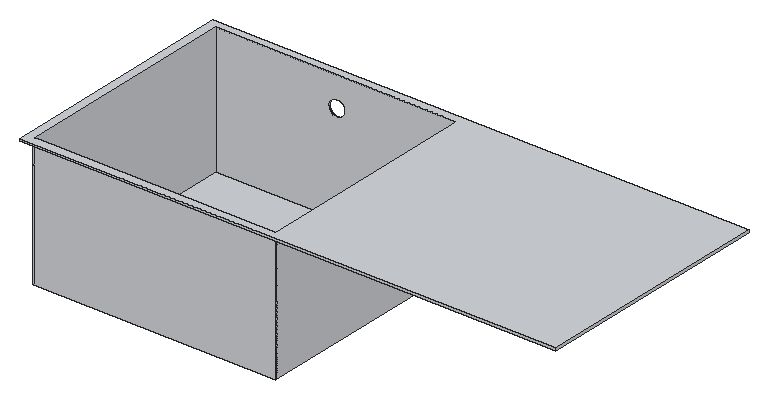
Revit family "Generico_Lavatorio_Cozinha", category Peças hidrossanitárias, Revit 2022
Family settings
  Cota do conector redondo = Utilizar diâmetro
  Tipo de parte = Normal
  Número OmniClass = 23.45.00.00
  Título OmniClass = Sanitary, Laundry, and Cleaning Equipment
  Com base no plano de trabalho = Não
  Sempre na vertical = Sim
  Corte com vazios quando carregada = Sim
  Manter orientação da anotação = Não
  Compartilhado = Não
  Ponto de cálculo do ambiente = Não
Parameters
  WFU = 0
  URL = "n/a"
  Tipo de imagem = <Nenhum>
  Keynote = "n/a"
  Model = "n/a"
  LarguraNominal = 450 mm
  IfcExportAs = "IfcSanitaryTerminalType.SINK"
  HWFU = 0
  Manufacturer = "n/a"
  Durabilidade = "Cumpre"
  Description = "n/a"
  Código de montagem = "D2010410"
  Custo = 0
  Conexão de resíduos = yes
  Conexão de ventilação = yes
  Conexão HW = yes
  Elevação padrão = 0 mm
  Conexão CW = yes
  ComprimentoNominal = 1000 mm
  Type Comments = "n/a"
  ClassificacaoSecclassPrVersao = "Julho 2022 - v1.14"
  ClassificacaoSecclassPrNumero = "Pr_40_20_96_45"
  ClassificacaoSecclassPrDescricao = "Lavatórios de bancada"
  CWFU = 0
  AptidãoParaLimpeza = "Cumpre"
  AlturaNominal = 244.118 mm
Reference planes
  plane 1 "Center (Front/Back)": y = 0
  plane 2: z = 0
  plane 3 "Center (Left/Right)": x = 0
  plane 4 "Ref 2": z = -240
Forms (mm)
  Extrusion 1, solid
    sketch origin (0, -6.226, 0) x (1, 0, 0) y (0, 1, 0)
      loop
        line (-664.602, 396.226) -> (-664.602, -53.774) -> (335.398, -53.774) -> (335.398, 396.226) -> (-664.602, 396.226)
      loop
        line (-196.542, 385.078) -> (-650.538, 385.078) -> (-650.538, -41.944) -> (-196.542, -41.944) -> (-196.542, 385.078)
    from 0 to 4.118
  Extrusion 2, solid
    sketch origin (0, 0, -240) x (0, 1, 0) y (-1, 0, 0)
      loop
        line (377.113, 648.542) -> (-46.148, 648.542) -> (-46.148, 198.542) -> (377.113, 198.542) -> (377.113, 648.542)
      loop
        circle (302.222, 422.615) r 20
    from 0 to 2
  Extrusion 3, solid
    sketch origin (0, 0, -240) x (0, 1, 0) y (-1, 0, 0)
      loop
        line (378.852, 648.542) -> (378.852, 650.538) -> (-48.17, 650.538) -> (-48.17, 648.552) -> (-48.17, 196.542) -> (-46.121, 196.542) -> (378.852, 196.542) -> (378.852, 198.542) -> (378.852, 648.542)
      loop
        line (377.113, 648.542) -> (-46.148, 648.542) -> (-46.148, 198.542) -> (377.113, 198.542) -> (377.113, 648.542)
    from 0 to 244.118
  Extrusion 4, void, detail levels medium+fine
    sketch origin (0, 0, 0) x (1, 0, 0) y (0, 0, 1)
      loop
        circle (-422.362, -52.551) r 15
    from -390 to -358.908
Cuts and joins
  Extrusion 4 cuts Extrusion 3
  joined: Extrusion 1, Extrusion 2, Extrusion 3
Lines and regions (mm)
  model lines, detail levels fine
    curve 1: line (-196.542, 302.222, 4.118) -> (233.458, 302.222, 4.118)
    curve 2: line (-196.542, 202.222, 4.118) -> (233.458, 202.222, 4.118)
    curve 3: line (-196.542, 102.222, 4.118) -> (233.458, 102.222, 4.118)
    curve 4: line (-196.542, 7.222, 4.118) -> (233.458, 7.222, 4.118)
Dimensions and locks
  "ComprimentoNominal": cut or joined group of Extrusion 1, Extrusion 2, Extrusion 3, Extrusion 4 to cut or joined group of Extrusion 1, Extrusion 2, Extrusion 3, Extrusion 4
  "LarguraNominal": cut or joined group of Extrusion 1, Extrusion 2, Extrusion 3, Extrusion 4 to cut or joined group of Extrusion 1, Extrusion 2, Extrusion 3, Extrusion 4
  "AlturaNominal": cut or joined group of Extrusion 1, Extrusion 2, Extrusion 3, Extrusion 4 to cut or joined group of Extrusion 1, Extrusion 2, Extrusion 3, Extrusion 4
  cut or joined group of Extrusion 1, Extrusion 2, Extrusion 3, Extrusion 4 to cut or joined group of Extrusion 1, Extrusion 2, Extrusion 3, Extrusion 4 = 41.669 mm
  cut or joined group of Extrusion 1, Extrusion 2, Extrusion 3, Extrusion 4 to cut or joined group of Extrusion 1, Extrusion 2, Extrusion 3, Extrusion 4 = 1000 mm
  diameter of cut or joined group of Extrusion 1, Extrusion 2, Extrusion 3, Extrusion 4 = 30 mm
  aligned and locked: level to plane 2
Automatic sketch dimensions
  plane 1 "Center (Front/Back)" to Extrusion 3 sketch curve = 48.17 mm
  Extrusion 3 sketch curve to Extrusion 3 sketch curve = 2.022 mm
  Extrusion 3 sketch curve to Extrusion 3 sketch curve = 0.027 mm
  Extrusion 3 sketch curve to plane 1 "Center (Front/Back)" = 377.113 mm
  Extrusion 3 sketch curve to Extrusion 3 sketch curve = 1.739 mm
  Extrusion 3 sketch curve to plane 3 "Center (Left/Right)" = 196.542 mm
  Extrusion 3 sketch curve to Extrusion 3 sketch curve = 2 mm
  Extrusion 3 sketch curve to Extrusion 3 sketch curve = 0 mm  (x2)
  Extrusion 3 sketch curve to Extrusion 3 sketch curve = 450 mm
  Extrusion 3 sketch curve to Extrusion 3 sketch curve = 0.01 mm
  Extrusion 3 sketch curve to Extrusion 3 sketch curve = 1.986 mm
  Extrusion 4 sketch curve to level = 52.551 mm
  Extrusion 4 sketch curve to plane 3 "Center (Left/Right)" = 422.362 mm
  curve 4 to Extrusion 1 = 67.222 mm
  curve 4 to Extrusion 1 = 468.061 mm
  curve 2 to curve 4 = 0 mm
  curve 3 to curve 4 = 0 mm
  curve 1 to curve 2 = 0 mm  (x2)
  curve 3 to Extrusion 1 = 101.939 mm
  curve 2 to curve 3 = 0 mm
  curve 4 to curve 3 = 0 mm
  curve 4 to curve 3 = 95 mm
  curve 3 to curve 2 = 100 mm
  curve 1 to Extrusion 1 = 87.778 mm
  plane 1 "Center (Front/Back)" to Extrusion 1 sketch curve = 60 mm
  Extrusion 1 sketch curve to plane 3 "Center (Left/Right)" = 664.602 mm
  Extrusion 1 sketch curve to Extrusion 1 sketch curve = 14.065 mm
  plane 1 "Center (Front/Back)" to Extrusion 1 sketch curve = 48.17 mm
  Extrusion 1 sketch curve to plane 3 "Center (Left/Right)" = 196.542 mm
  plane 3 "Center (Left/Right)" to Extrusion 1 sketch curve = 335.398 mm
  Extrusion 1 sketch curve to plane 1 "Center (Front/Back)" = 378.852 mm
  Extrusion 1 sketch curve to plane 1 "Center (Front/Back)" = 390 mm
  plane 1 "Center (Front/Back)" to Extrusion 2 sketch curve = 46.148 mm
  Extrusion 2 sketch curve to plane 1 "Center (Front/Back)" = 302.222 mm
  Extrusion 2 sketch curve to Extrusion 2 sketch curve = 74.891 mm
  Extrusion 2 sketch curve to plane 3 "Center (Left/Right)" = 198.542 mm
  Extrusion 2 sketch curve to Extrusion 2 sketch curve = 224.074 mm
  Extrusion 2 sketch curve to Extrusion 2 sketch curve = 225.926 mm
  radius of Extrusion 4 sketch curve = 15 mm
  radius of Extrusion 2 sketch curve = 20 mm
